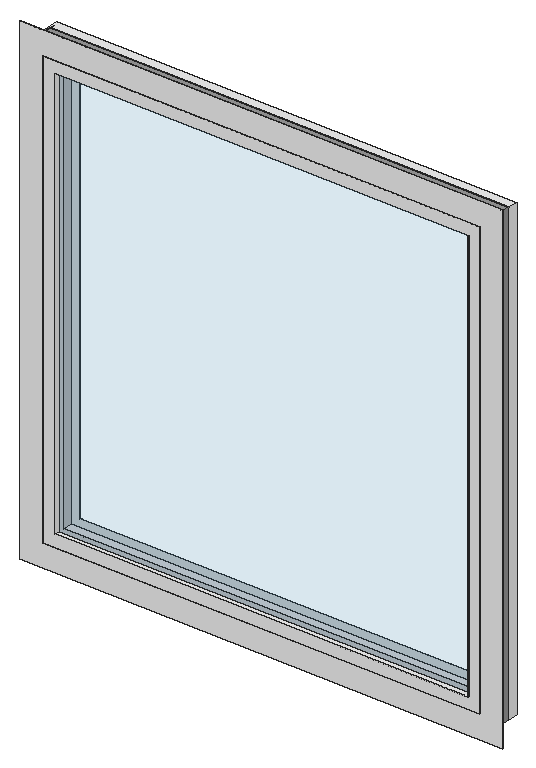
Revit family "Edge_TB42_E_Side_Hung_Custom", category Windows, host Wall, Revit 2014
Parameters (values of type "Casement_Sash_DG")
  Width Sash [instance] = 30 mm
  Width Sash Inner = 15 mm
  Width Bead = 15 mm
  Top Hung [instance] = yes
  Thermal Break Material = Rubber, Black
  Thermal Break Length = 16 mm
  Side Hung Right [instance] = yes
  Side Hung Left [instance] = yes
  Sash Opening Width [instance] = 600 mm
  Sash Opening Height [instance] = 600 mm
  Sash Lip = 15 mm
  Sash Leg [instance] = (Depth Sash - Thermal Break Length) / 2  # 13 mm
  SG Bead Leg = 6.683 mm
  Glazing Material [instance] = Glass
  Glazing Offset = 5 mm
  DG Start Piece 2 [instance] = DG End Piece 1 + DG Gasket Thickness  # 24.158 mm
  DG Start Peice 1 [instance] = ((Depth Sash - (2 * DG Glazing Thickness) - DG Gasket Thickness) / 2) - (SG Bead Leg - Aluminium Thickness) / 2  # 5.758 mm
  DG Glazing Thickness [instance] = 6.4 mm
  DG Gasket Thickness = 12 mm  # constant formula
  DG Gasket Material [instance] = none
  Depth Sash [instance] = 42 mm
  DG End Piece 2 [instance] = DG Start Piece 2 + DG Glazing Thickness  # 30.558 mm
  DG End Piece 1 [instance] = DG Start Peice 1 + DG Glazing Thickness  # 12.158 mm
  Center Vertical Sash [instance] = Sash Opening Height / 2  # 300 mm
  Center Horizontal Sash [instance] = Sash Opening Width / 2  # 300 mm
  Bottom Hung [instance] = yes
  Bead Offset = 15 mm
  Aluminium Thickness = 1 mm
  Aluminium Material [instance] = White Powder Coated Aluminium
Reference planes
  plane 1 "Center (Front/Back)": y = 0
  plane 2: z = 0
  plane 3 "Center (Left/Right)": x = 0
Forms (mm)
  Sweep 1, solid, material "White Powder Coated Aluminium" <- "Aluminium Material"
    path origin (16.177, 0, 121.331) x (1, 0, 0) y (0, 0, 1)
      loop
        line (0, 0) -> (600, 0) -> (600, 600) -> (0, 600) -> (0, 0)
    profile origin (316.177, 0, 121.331) x (0, 0, 1) y (0, -1, 0)
      loop
        line (0, 0) -> (30, 0) -> (30, 1) -> (15, 1) -> (15, 13) -> (14, 13) -> (14, 1) -> (1, 1) -> (1, 13) -> (0, 13) -> (0, 0)
      loop
        line (15, 42) -> (-15, 42) -> (-15, 41) -> (0, 41) -> (0, 29) -> (1, 29) -> (1, 41) -> (14, 41) -> (14, 29) -> (15, 29) -> (15, 42)
  Sweep 2, solid, material "White Powder Coated Aluminium" <- "Aluminium Material"
    path origin (0, 0, 0) x (1, 0, 0) y (0, 0, 1)
      loop
        line (31.177, 706.331) -> (31.177, 136.331) -> (601.177, 136.331) -> (601.177, 706.331) -> (31.177, 706.331)
    profile origin (316.177, 0, 706.331) x (0, 0, 1) y (0, -1, 0)
      loop
        line (0, 41) -> (0, 42) -> (-15, 42) -> (-15, 35.317) -> (-14, 35.317) -> (-14, 41) -> (0, 41)
  Extrusion 3, solid, material "Glass" <- "Glazing Material"
    sketch origin (0, 0, 0) x (1, 0, 0) y (0, 0, 1)
      loop
        line (36.177, 701.331) -> (36.177, 141.331) -> (596.177, 141.331) -> (596.177, 701.331) -> (36.177, 701.331)
    from 5.758 <- "DG Start Peice 1" to 12.158 <- "DG End Piece 1"
  Extrusion 4, solid, material "Glass" <- "Glazing Material"
    sketch origin (0, 0, 0) x (1, 0, 0) y (0, 0, 1)
      loop
        line (36.177, 701.331) -> (36.177, 141.331) -> (596.177, 141.331) -> (596.177, 701.331) -> (36.177, 701.331)
    from 30.558 <- "DG End Piece 2" to 24.158 <- "DG Start Piece 2"
  Sweep 5, solid, material <- "DG Gasket Material"
    path origin (0, -12.158, 0) x (1, 0, 0) y (0, 0, 1)
      loop
        line (36.177, 701.331) -> (36.177, 141.331) -> (596.177, 141.331) -> (596.177, 701.331) -> (36.177, 701.331)
    profile origin (316.177, -12.158, 701.331) x (0, 0, 1) y (0, -1, 0)
      loop
        line (0, 0) -> (0, 12) -> (-7.96, 12) -> (-7.96, 0) -> (0, 0)
  Sweep 6, solid, material "Rubber, Black" <- "Thermal Break Material"
    path origin (16.177, -13, 121.331) x (1, 0, 0) y (0, 0, 1)
      loop
        line (-15, 615) -> (-15, -15) -> (615, -15) -> (615, 615) -> (-15, 615)
    profile origin (316.177, -13, 736.331) x (0, 0, 1) y (0, -1, 0)
      loop
        line (-15, 16) -> (-16, 16) -> (-16, 0) -> (-15, 0) -> (-15, 16)
      loop
        line (-29, 16) -> (-30, 16) -> (-30, 0) -> (-29, 0) -> (-29, 16)
Lines and regions (mm)
  model lines
    curve 1: line (1.177, -42, 736.331) -> (31.177, -42, 706.331)
    curve 2: line (601.177, -42, 706.331) -> (631.177, -42, 736.331)
    curve 3: line (601.177, -42, 136.331) -> (631.177, -42, 106.331)
    curve 4: line (1.177, -42, 106.331) -> (31.177, -42, 136.331)
    curve 5: line (631.177, -41, 736.331) -> (616.177, -41, 721.331)
    curve 6: line (1.177, -41, 736.331) -> (16.177, -41, 721.331)
    curve 7: line (1.177, -41, 106.331) -> (16.177, -41, 121.331)
    curve 8: line (631.177, -41, 106.331) -> (616.177, -41, 121.331)
    curve 9: line (616.177, 0, 121.331) -> (586.177, 0, 151.331)
    curve 10: line (46.177, 0, 151.331) -> (16.177, 0, 121.331)
    curve 11: line (616.177, 0, 721.331) -> (586.177, 0, 691.331)
    curve 12: line (46.177, 0, 691.331) -> (16.177, 0, 721.331)
    curve 13: line (31.177, -42, 691.331) -> (46.177, -42, 691.331)
    curve 14: line (586.177, -42, 691.331) -> (601.177, -42, 691.331)
    curve 15: line (586.177, -42, 151.331) -> (601.177, -42, 151.331)
    curve 16: line (31.177, -42, 151.331) -> (46.177, -42, 151.331)
  model lines, style "GenericModelHiddenLines", visible <- "Top Hung"
    curve 17: line (46.386, -30.558, 690.602) -> (316.177, -30.558, 151.331)
    curve 18: line (316.177, -30.558, 151.331) -> (586.177, -30.558, 691.018)
  model lines, style "GenericModelHiddenLines", visible <- "Bottom Hung"
    curve 19: line (46.177, -30.558, 151.331) -> (316.177, -30.558, 691.018)
    curve 20: line (316.177, -30.558, 691.018) -> (586.177, -30.558, 151.331)
  model lines, style "GenericModelHiddenLines", visible <- "Side Hung Left"
    curve 21: line (46.386, -30.558, 690.602) -> (585.24, -30.558, 421.331)
    curve 22: line (585.24, -30.558, 421.331) -> (46.177, -30.558, 151.331)
  model lines, style "GenericModelHiddenLines", visible <- "Side Hung Right"
    curve 23: line (586.177, -30.558, 691.018) -> (46.177, -30.558, 421.331)
    curve 24: line (46.177, -30.558, 421.331) -> (586.177, -30.558, 151.331)
Dimensions and locks
  "Aluminium Thickness": Sweep 1 sketch curve to Sweep 1 sketch curve  (x6)
  "Depth Sash": Sweep 1 sketch curve to Sweep 1 sketch curve
  "Sash Opening Width": Sweep 1 to Sweep 1
  "Sash Opening Height": Sweep 1 to Sweep 1
  "Width Sash": Sweep 1 sketch curve to Sweep 1 sketch curve  (x2)
  "Width Sash Inner": Sweep 1 sketch curve to Sweep 1 sketch curve
  "Sash Lip": Sweep 1 sketch curve to Sweep 1 sketch curve
  "Glazing Offset": Sweep 2 to Extrusion 3 sketch curve  (x3)
  "Glazing Offset": Extrusion 3 sketch curve to Sweep 2
  Sweep 1 to Sweep 1 = 1 mm
  "Width Bead": Sweep 2 sketch curve to Sweep 2 sketch curve
  locked: Sweep 5 sketch curve to Sweep 5 sketch curve at 7.96
  "Center Horizontal Sash": Sweep 1 to curve 18
  "Center Horizontal Sash": Sweep 1 to curve 20
  "Center Vertical Sash": Sweep 1 to curve 22
  "Center Vertical Sash": Sweep 1 to curve 24
  "Sash Leg": Sweep 1 sketch curve to Sweep 1 sketch curve
  "Aluminium Thickness": Sweep 2 sketch curve to Sweep 2 sketch curve  (x2)
  "SG Bead Leg": Sweep 2 sketch curve to Sweep 2 sketch curve
  aligned and locked: level to plane 2
  aligned and locked: Sweep 1 sketch curve to Sweep 1 sketch curve  (x3)
  aligned and locked: Sweep 2 sketch curve to Sweep 1  (x4)
  aligned and locked: Sweep 1 to Sweep 2 sketch curve  (x2)
  aligned and locked: Extrusion 4 sketch curve to Extrusion 3  (x4)
  aligned and locked: Sweep 5 sketch curve to Extrusion 3  (x5)
  aligned and locked: Extrusion 3 to Sweep 5 sketch curve
  aligned and locked: Sweep 6 sketch curve to Sweep 1  (x10)
  aligned and locked: Sweep 1 to Sweep 6 sketch curve  (x2)
Automatic sketch dimensions
  plane 3 "Center (Left/Right)" to Sweep 1 sketch curve = 16.177 mm
  level to Sweep 1 sketch curve = 121.331 mm
  plane 3 "Center (Left/Right)" to Sweep 1 sketch curve = 616.177 mm
  level to Sweep 1 sketch curve = 721.331 mm
  profile plane to Sweep 5 sketch curve = 12 mm
  curve 7 to Sweep 1 = 0 mm  (x4)
  curve 6 to Sweep 1 = 0 mm  (x3)
  Sweep 1 to curve 6 = 0 mm
  curve 5 to Sweep 1 = 0 mm  (x3)
  curve 8 to Sweep 1 = 0 mm  (x4)
  Sweep 1 to curve 5 = 0 mm
  curve 16 to Sweep 2 = 0 mm  (x3)
  curve 13 to Sweep 2 = 0 mm  (x3)
  curve 15 to Sweep 2 = 0 mm
  Sweep 2 to curve 15 = 0 mm  (x2)
  curve 14 to Sweep 2 = 0 mm  (x2)
  Sweep 2 to curve 14 = 0 mm
  curve 1 to Sweep 1 = 0 mm  (x4)
  curve 4 to Sweep 1 = 0 mm  (x4)
  curve 2 to Sweep 1 = 0 mm  (x4)
  curve 3 to Sweep 1 = 0 mm  (x2)
  Sweep 1 to curve 3 = 0 mm  (x2)
  curve 10 to Sweep 1 = 0 mm  (x4)
  curve 12 to Sweep 1 = 0 mm  (x2)
  Sweep 1 to curve 12 = 0 mm  (x2)
  curve 11 to Sweep 1 = 0 mm  (x4)
  curve 9 to Sweep 1 = 0 mm  (x4)
  profile plane to Sweep 1 sketch curve = 0 mm  (x2)
  Sweep 1 sketch curve to plane 1 "Center (Front/Back)" = 0 mm
  Sweep 1 sketch curve to Sweep 1 sketch curve = 13 mm
  Sweep 1 sketch curve to Sweep 1 sketch curve = 12 mm  (x2)
  curve 21 to Extrusion 4 = 10.208 mm
  curve 19 to Extrusion 4 = 10 mm
  curve 23 to Extrusion 4 = 10 mm  (x2)
  curve 22 to Extrusion 4 = 10.937 mm
  curve 20 to Extrusion 4 = 10 mm
  curve 24 to Extrusion 4 = 10 mm
  curve 22 to Extrusion 4 = 10 mm
  curve 18 to Extrusion 4 = 10 mm
  curve 21 to Extrusion 4 = 10.729 mm
  curve 19 to Extrusion 4 = 10.312 mm
  curve 18 to Extrusion 4 = 10.312 mm
